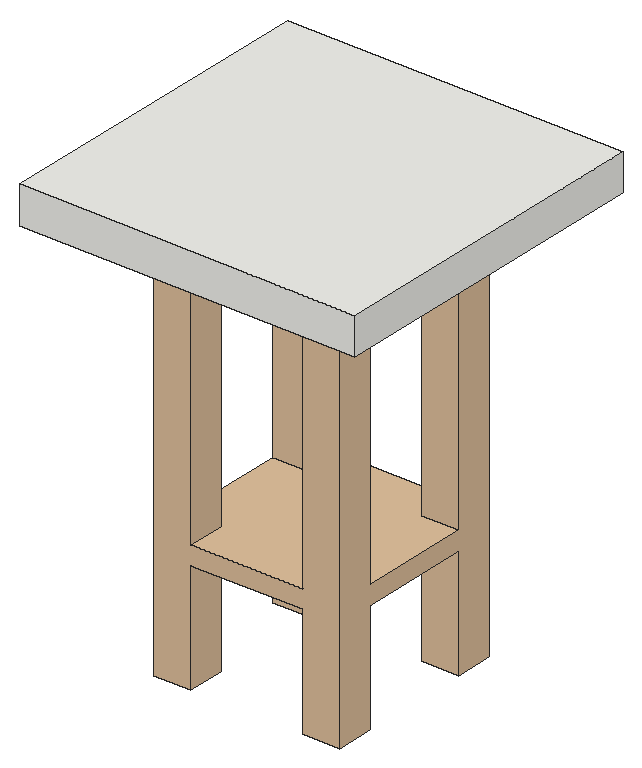
Revit family
Parameters (values of type "0457 x 0457 x 0610mm")
  베이스 재료 = 목재 - 자작나무
  깊이 = 457.00 mm
  높이 = 610.00 mm
  상단 재료 = 래미네이티드 플라스틱 - 아이보리색, 무광
  폭 = 457.00 mm
Types (3, lengths in mm): name | 깊이 | 높이 | 폭
  (no name) | 457.00 | 610.00 | 457.00
  0610 x 0610 x 0762mm | 610.00 | 762.00 | 610.00
  0457 x 0457 x 0610mm | 457.00 | 610.00 | 457.00
Reference planes
  plane 1: y = 0
  plane 2: z = 0
  plane 3: x = 3.734
  plane 4: x = 460.734
  plane 5: y = 457
  plane 6: y = 228.5
  plane 7: x = 232.234
  plane 8: z = 610
  plane 9: z = 559.2
Forms (mm)
  Extrusion 1, solid, material "래미네이티드 플라스틱 - 아이보리색, 무광" <- "상단 재료"
    sketch origin (0, 0, 0) x (1, 0, 0) y (0, 1, 0)
      loop
        line (3.734, 0) -> (460.734, 0) -> (460.734, 457) -> (3.734, 457) -> (3.734, 0)
    from 559.2 to 610
  Extrusion 2, solid, material "목재 - 자작나무" <- "베이스 재료"
    sketch origin (0, 0, 0) x (1, 0, 0) y (0, 1, 0)
      loop
        line (105.334, 355.4) -> (105.334, 304.6) -> (156.134, 304.6) -> (156.134, 355.4) -> (105.334, 355.4)
      loop
        line (105.334, 152.4) -> (105.334, 101.6) -> (156.134, 101.6) -> (156.134, 152.4) -> (105.334, 152.4)
      loop
        line (308.334, 355.4) -> (308.334, 304.6) -> (359.134, 304.6) -> (359.134, 355.4) -> (308.334, 355.4)
      loop
        line (308.334, 152.4) -> (308.334, 101.6) -> (359.134, 101.6) -> (359.134, 152.4) -> (308.334, 152.4)
    from 0 to 559.2
  Extrusion 3, solid, material "목재 - 자작나무" <- "베이스 재료"
    sketch origin (0, 0, 0) x (1, 0, 0) y (0, 1, 0)
      loop
        line (308.334, 355.4) -> (156.134, 355.4) -> (156.134, 304.6) -> (105.334, 304.6) -> (105.334, 152.4) -> (156.134, 152.4) -> (156.134, 101.6) -> (308.334, 101.6) -> (308.334, 152.4) -> (359.134, 152.4) -> (359.134, 304.6) -> (308.334, 304.6) -> (308.334, 355.4)
    from 152.4 to 177.8
Cuts and joins
  joined: Extrusion 2, Extrusion 3
Lines and regions (mm)
  Masking region 1
    outline origin (0, 0, 0) x (1, 0, 0) y (0, 1, 0)
      loop
        line (3.734, 457) -> (3.734, 0) -> (460.734, 0) -> (460.734, 457) -> (3.734, 457)
Dimensions and locks
  locked: Extrusion 1 to Extrusion 1 at 50.8
  locked: Extrusion 1 to Extrusion 2 sketch curve at 101.6  (x4)
  locked: Extrusion 2 sketch curve to Extrusion 1 at 101.6  (x4)
  locked: Extrusion 2 sketch curve to Extrusion 2 sketch curve at 50.8  (x8)
  "폭": plane 3 to plane 4
  "깊이": plane 5 to plane 1
  equal spacing: plane 3, plane 7, plane 4
  equal spacing: plane 5, plane 6, plane 1
  "높이": plane 8 to plane 2
  locked: plane 8 to plane 9 at 50.8
  aligned and locked: plane 1 to Extrusion 1 sketch curve
  aligned and locked: level to plane 2
  aligned and locked: Extrusion 3 sketch curve to Extrusion 2  (x3)
  aligned and locked: Extrusion 2 to Extrusion 3 sketch curve  (x2)
  aligned and locked: plane 8 to Extrusion 1
  aligned and locked: plane 9 to Extrusion 2
  aligned and locked: Masking region 1 sketch curve to plane 5
  aligned and locked: Masking region 1 sketch curve to plane 1
  aligned and locked: plane 4 to Masking region 1 sketch curve
  aligned and locked: Masking region 1 sketch curve to plane 3
Automatic sketch dimensions
  Extrusion 1 sketch curve to plane 3 = 0.00 mm
  plane 3 to Extrusion 3 sketch curve = 101.60 mm
  Extrusion 3 sketch curve to Extrusion 3 sketch curve = 50.80 mm  (x4)
  Extrusion 3 sketch curve to plane 1 = 101.60 mm
  plane 4 to Extrusion 3 sketch curve = 152.40 mm
  Extrusion 1 sketch curve to plane 4 = 0.00 mm
  Extrusion 1 sketch curve to plane 5 = 0.00 mm
